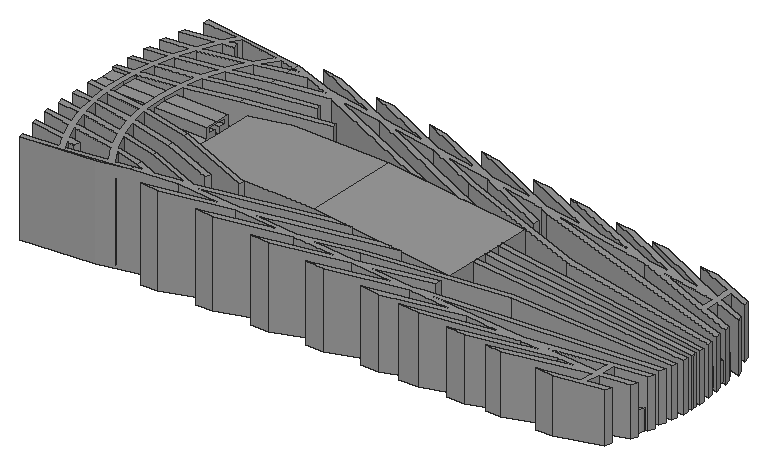
Revit family "Superstreet 250", category Осветительные приборы, Revit 2017
Family settings
  Размер круглого соединителя = Использовать диаметр
  Тип детали = Нормальный
  На основе рабочей плоскости = Нет
  Всегда вертикально = Да
  При загрузке вырезать с полостями = Нет
  Источник света = Да
  Общий = Нет
  Точка расчета площади = Нет
Parameters (values of type "Superstreet 250 4.0К Ш8")
  Комментарии к типоразмеру = "Уличные"
  Emit from Rectangle Width = 95 mm  # constant formula
  Emit from Rectangle Length = 560 mm  # constant formula
  Изготовитель = "LEDEL"
  Emit Shape Visible in Rendering = no
  built-in parameter 1150104 = 13.8 (stored number, unit not read)
  built-in parameter 1150134 = 12
  Файл фотометрической сетки = "Superstreet 250-202-LLI8-4.0K-01.ies"
  Tilt Angle = 90.00°
  built-in parameter 1150137 = (empty or 0)
  built-in parameter 1150132 = 2
  built-in parameter 1150114 = 1 (stored number, unit not read)
  Dimming Lamp Color Temperature Shift = (empty or 0)
  built-in parameter 1150105 = 2127.4 (stored number, unit not read)
  Color Filter = 16777215
  Lumens = 26734 lm
  built-in parameter 1150109 = 1 (stored number, unit not read)
  built-in parameter 1150112 = 1 (stored number, unit not read)
  built-in parameter 1150110 = 1 (stored number, unit not read)
  built-in parameter 1150113 = 1 (stored number, unit not read)
  built-in parameter 1150115 = 1 (stored number, unit not read)
  built-in parameter 1114218 = 1 (stored number, unit not read)
  built-in parameter 1114217 = 1 (stored number, unit not read)
  Apparent Load = 202 VA
  built-in parameter 1150106 = 21.274 (stored number, unit not read)
  built-in parameter 1150142 = "ISNA:LM-63-1995\r\n[TEST]LEDEL\r\n[DATA]28.05.2018\r\n[MANUFAC]LEDEL\r\n[LUMCAT]Superstreet 250/202/Ш8/4.0K/01\r\n[LUMINAIRE]Для освещения дорог категорий А и Б, городских улиц и площадей\r\n[LAMPCAT]LED\r\n[LAMP]OSRAM OSLON SQUARE3\r\nTILT=NONE\r\n\r\n1 26734 1.3655820605812 37 37 1 2 0.636 0.256 0.100\r\n1 1 202\r\n\r\n0 2.5 5 7.5 10 12.5 15 17.5 20 22.5 25 27.5 30 32.5 35 37.5 40 42.5 45 47.5\r\n 50 52.5 55 57.5 60 62.5 65 67.5 70 72.5 75 77.5 80 82.5 85 87.5 90\r\n\r\n90 95 100 105 110 115 120 125 130 135 140 145 150 155 160 165 170 175 180\r\n 185 190 195 200 205 210 215 220 225 230 235 240 245 250 255 260 265 270\r\n\r\n  5234 5069 4912 4721 4546 4367 4231 4063 3931 3763 3617 3444 3273 3104 2928\r\n  2742 2555 2372 2218 2006 1787 1530 1281 1087 952 824 703 601 506 425\r\n  323 249 147 103 59 56 37\r\n  5220 5081 4912 4744 4554 4385 4231 4100 3939 3792 3624 3459 3294 3122 2965\r\n  2785 2584 2394 2211 2010 1801 1533 1289 1095 952 820 689 601 520 414\r\n  337 249 162 106 59 41 37\r\n  5212 5077 4920 4747 4583 4422 4275 4129 3983 3840 3690 3532 3375 3221 3068\r\n  2885 2702 2486 2270 2068 1845 1600 1333 1102 981 835 711 615 528 428\r\n  330 253 191 118 74 44 37\r\n  5234 5081 4927 4773 4590 4436 4305 4176 4026 3880 3726 3573 3426 3280 3133\r\n  2958 2745 2504 2299 2094 1896 1640 1362 1146 996 850 732 630 535 440\r\n  337 264 191 118 88 44 37\r\n  5227 5081 4934 4773 4612 4495 4349 4239 4092 3957 3800 3646 3485 3368 3265\r\n  3082 2804 2548 2328 2141 1918 1684 1421 1190 1011 879 769 663 571 443\r\n  366 282 198 129 59 44 37\r\n  5198 5081 4949 4795 4656 4528 4422 4311 4195 4063 3939 3778 3639 3514 3397\r\n  3243 2958 2654 2431 2255 2057 1805 1523 1278 1077 934 820 692 593 464\r\n  381 293 191 129 74 44 44\r\n  5212 5095 4978 4846 4707 4601 4502 4422 4290 4213 4100 3953 3807 3701 3573\r\n  3386 3119 2855 2636 2431 2248 2010 1750 1494 1230 1014 879 762 645 516\r\n  396 293 198 121 59 59 30\r\n  5198 5081 4993 4861 4751 4637 4568 4495 4414 4315 4231 4114 4012 3901 3748\r\n  3517 3273 3046 2826 2639 2467 2255 1984 1691 1413 1172 1011 853 703 571\r\n  418 305 198 132 88 59 37\r\n  5212 5106 5015 4920 4824 4744 4671 4612 4568 4495 4429 4352 4275 4191 4070\r\n  3807 3543 3356 3170 2961 2745 2562 2299 1992 1662 1395 1216 1029 842 637\r\n  454 308 220 169 88 48 30\r\n  5198 5110 5015 4938 4861 4788 4758 4715 4678 4627 4583 4524 4466 4378 4195\r\n  3957 3770 3631 3470 3269 3038 2815 2606 2302 1926 1618 1421 1190 937 703\r\n  484 337 213 132 96 44 44\r\n  5198 5117 5051 4993 4934 4864 4846 4846 4817 4784 4729 4700 4663 4583 4414\r\n  4224 4085 3939 3800 3635 3441 3221 2972 2727 2343 1943 1647 1391 1084 780\r\n  535 370 249 147 103 82 52\r\n  5190 5132 5073 5011 4985 4956 4949 4945 4941 4923 4912 4882 4861 4777 4656\r\n  4524 4414 4311 4188 4045 3924 3734 3529 3313 2987 2551 2035 1533 1208 868\r\n  601 414 264 154 110 55 52\r\n  5212 5154 5103 5081 5051 5037 5051 5069 5081 5077 5081 5095 5081 5022 4941\r\n  4861 4817 4770 4678 4583 4502 4422 4349 4224 4026 3631 2987 2156 1435 1014\r\n  718 502 293 191 118 88 59\r\n  5212 5154 5110 5110 5110 5110 5146 5168 5190 5227 5256 5256 5249 5230 5198\r\n  5165 5154 5150 5051 5004 4993 4978 4978 4956 4861 4586 3939 2931 1845 1149\r\n  784 531 323 202 125 88 59\r\n  5190 5168 5154 5168 5161 5194 5242 5271 5315 5344 5395 5421 5432 5424 5447\r\n  5432 5447 5432 5344 5292 5322 5344 5403 5476 5505 5453 5146 4304 3002 1698\r\n  1003 663 418 264 140 103 74\r\n  5183 5172 5161 5183 5212 5256 5329 5359 5417 5476 5505 5560 5600 5614 5652\r\n  5640 5666 5637 5512 5505 5549 5578 5637 5710 5813 5900 5813 5252 4056 2615\r\n  1435 798 484 290 162 92 59\r\n  5183 5168 5176 5198 5256 5326 5403 5476 5512 5578 5622 5666 5710 5743 5769\r\n  5779 5813 5713 5622 5637 5652 5666 5673 5739 5856 5959 5959 5658 4751 3347\r\n  2035 1097 579 337 162 103 88\r\n  5183 5183 5212 5245 5315 5388 5483 5564 5608 5677 5739 5791 5820 5856 5893\r\n  5912 5886 5769 5695 5710 5681 5677 5673 5725 5769 5798 5725 5530 4971 3850\r\n  2482 1350 667 344 191 118 74\r\n  5183 5183 5183 5227 5242 5286 5344 5406 5476 5549 5593 5652 5710 5754 5813\r\n  5842 5893 5845 5827 5801 5798 5798 5805 5813 5813 5725 5534 5173 4385 3369\r\n  2240 1144 476 249 140 100 59\r\n  5183 5198 5227 5242 5286 5344 5417 5490 5564 5637 5725 5798 5835 5900 5974\r\n  6018 6069 6047 6010 5988 5974 5959 5944 5926 5900 5809 5622 5341 4715 3790\r\n  2643 1466 630 264 147 103 88\r\n  5183 5204 5256 5286 5351 5429 5490 5578 5666 5743 5820 5904 5988 6065 6149\r\n  6208 6244 6241 6230 6222 6208 6219 6208 6222 6208 6164 6083 6018 5666 4778\r\n  3390 1799 732 308 198 132 96\r\n  5183 5242 5271 5344 5410 5505 5586 5666 5761 5856 5966 6050 6142 6237 6310\r\n  6384 6427 6457 6449 6471 6486 6574 6647 6720 6837 6911 6976 6998 6362 4917\r\n  3294 1784 740 337 191 114 74\r\n  5190 5256 5315 5388 5476 5549 5652 5739 5842 5936 6054 6149 6244 6340 6427\r\n  6501 6574 6662 6728 6823 6940 7104 7291 7467 7643 7804 7774 7266 6127 4650\r\n  3265 1945 886 363 183 103 59\r\n  5212 5256 5322 5406 5498 5593 5695 5798 5900 6000 6120 6211 6310 6402 6501\r\n  6629 6720 6867 7028 7221 7423 7613 7796 7997 8235 8283 7818 6904 5695 4065\r\n  2460 1308 689 366 205 129 96\r\n  5212 5286 5359 5447 5556 5640 5739 5842 5952 6061 6164 6284 6391 6530 6647\r\n  6797 6962 7148 7364 7543 7694 7851 8045 8308 8433 8072 7181 5866 4063 2267\r\n  1230 758 491 282 176 88 52\r\n  5190 5271 5373 5442 5556 5640 5747 5842 5944 6061 6157 6296 6405 6548 6698\r\n  6881 7064 7262 7423 7540 7635 7789 8016 8147 7848 6967 5505 3659 2050 1246\r\n  850 597 396 227 125 88 44\r\n  5198 5292 5388 5490 5586 5681 5783 5863 5974 6076 6179 6314 6464 6618 6786\r\n  6958 7130 7262 7320 7379 7445 7566 7628 7229 6310 4885 3163 1876 1281 975\r\n  711 469 323 205 125 88 44\r\n  5198 5292 5395 5490 5593 5688 5783 5863 5981 6097 6222 6369 6537 6694 6859\r\n  6995 7086 7116 7108 7119 7130 6984 6384 5349 3990 2510 1582 1245 1025 788\r\n  571 381 279 176 96 59 30\r\n  5212 5318 5417 5509 5600 5710 5798 5886 5974 6079 6230 6369 6530 6668 6793\r\n  6881 6903 6878 6815 6709 6530 5996 4978 3743 2284 1490 1238 1037 857 671\r\n  513 363 271 147 96 48 44\r\n  5198 5315 5417 5520 5615 5691 5798 5863 5981 6120 6244 6413 6545 6647 6735\r\n  6746 6691 6588 6442 6201 5813 5100 4070 2765 1633 1224 1055 913 769 615\r\n  498 366 264 147 96 44 30\r\n  5212 5333 5425 5549 5637 5713 5798 5852 5981 6120 6252 6413 6537 6621 6632\r\n  6585 6486 6322 6083 5725 5234 4441 3375 2121 1333 1080 930 814 681 586\r\n  469 363 249 147 88 44 30\r\n  5198 5329 5432 5527 5608 5710 5769 5842 5974 6097 6266 6413 6515 6559 6515\r\n  6424 6274 6003 5659 5228 4612 3767 2665 1604 1157 993 857 747 623 539\r\n  440 352 257 147 96 44 30\r\n  5227 5329 5432 5527 5622 5710 5761 5842 5959 6091 6252 6384 6471 6497 6427\r\n  6307 6113 5809 5395 4909 4261 3409 2270 1414 1077 937 828 692 608 510\r\n  418 330 249 144 88 30 22\r\n  5234 5344 5461 5564 5644 5713 5783 5856 5988 6135 6288 6409 6457 6427 6325\r\n  6179 5944 5575 5132 4620 3917 2966 1867 1235 1025 901 769 671 579 476\r\n  396 293 205 144 74 30 22\r\n  5212 5333 5439 5552 5622 5688 5761 5827 5944 6079 6237 6369 6413 6384 6288\r\n  6143 5871 5490 5051 4536 3836 2868 1794 1224 1011 876 762 659 579 466\r\n  374 293 191 129 66 19 15\r\n  5220 5347 5476 5564 5637 5710 5754 5827 5930 6091 6237 6340 6384 6336 6244\r\n  6076 5805 5393 4934 4418 3690 2721 1706 1201 1011 876 754 630 542 466\r\n  381 290 191 118 52 41 30\r\n  5234 5359 5476 5564 5652 5710 5754 5831 5944 6113 6244 6340 6384 6314 6230\r\n  6073 5747 5286 4839 4287 3536 2520 1574 1168 1018 876 747 653 535 454\r\n  366 253 183 114 59 30 15\r\n"
  built-in parameter 1150133 = 10 (stored number, unit not read)
  Wattage = 179.976 W
  built-in parameter 1150139 = (empty or 0)
  Классификация нагрузок = Освещение
  built-in parameter 1150138 = (empty or 0)
  built-in parameter 1150107 = 4000 (stored number, unit not read)
  built-in parameter 1150102 = (empty or 0)
  Артикул = "305117"
Reference planes
  plane 1 "По центру (Вперед/Назад)": y = 0
  plane 2: z = 0
  plane 3 "По центру (Влево/Вправо)": x = 0
  plane 4: z = 0
  plane 5 "Центр": x = 0
  plane 6 "Для крышки": x = -501.5
  plane 7 "Для крышки "": y = 501.5
  plane 8 "Для переходника": y = 519.5
  plane 9 "Полость справа": y = -519.5
Forms (mm)
  Extrusion 1, void, not visible
    sketch origin (35, -700, -9) x (-1, 0, 0) y (0, -1, 0)
      loop
        line (-10.502, -455) -> (-11.632, -455) -> (-11.632, -465) -> (2.047, -465) -> (2.047, -455) -> (-10.502, -455)
    from 0 to 1.5
  Extrusion 2, solid, material "Алюминий"
    sketch origin (0.5, -0.499, 0) x (0.001454, -0.999999, 0) y (0.999999, 0.001454, 0)
      loop
        arc (-14.352, -319.4) -> (-15.156, -311.02) -> (-16.052, -302.65) r 761.6
        arc (-16.052, -302.65) -> (-8.03, -303.062) -> (0, -303.2) r 234.5
        arc (0, -303.2) -> (8.03, -303.062) -> (16.052, -302.65) r 234.5
        arc (16.052, -302.65) -> (15.156, -311.02) -> (14.352, -319.4) r 761.6
        line (14.352, -319.4) -> (20.176, -319.4)
        arc (20.176, -319.4) -> (21.01, -310.78) -> (21.943, -302.171) r 755.8
        arc (21.943, -302.171) -> (29.418, -301.347) -> (36.862, -300.285) r 234.5
        arc (36.862, -300.285) -> (35.788, -309.836) -> (34.837, -319.4) r 741.2
        line (34.837, -319.4) -> (40.714, -318.855)
        arc (40.714, -318.855) -> (41.705, -309.049) -> (42.827, -299.256) r 735.4
        arc (42.827, -299.256) -> (50.42, -297.715) -> (57.957, -295.925) r 234.5
        arc (57.957, -295.925) -> (56.576, -307.386) -> (55.379, -318.868) r 720.8
        line (55.379, -318.868) -> (61.363, -317.264)
        arc (61.363, -317.264) -> (62.598, -305.767) -> (64.019, -294.292) r 715
        arc (64.019, -294.292) -> (71.77, -291.947) -> (79.435, -289.336) r 234.5
        arc (79.435, -289.336) -> (77.578, -303.423) -> (76.008, -317.544) r 700.4
        line (76.008, -317.544) -> (82.003, -315.937)
        arc (82.003, -315.937) -> (83.666, -301.453) -> (85.632, -287.006) r 694.6
        arc (85.632, -287.006) -> (93.611, -283.705) -> (101.462, -280.113) r 234.5
        arc (101.462, -280.113) -> (98.958, -297.077) -> (96.882, -314.099) r 680
        line (96.882, -314.099) -> (102.896, -312.488)
        arc (102.896, -312.488) -> (105.142, -294.671) -> (107.862, -276.921) r 674.2
        arc (107.862, -276.921) -> (113.661, -273.813) -> (119.371, -270.544) r 234.5
        arc (119.371, -270.544) -> (121.074, -289.183) -> (122.243, -307.863) r 653.815
        line (122.243, -307.863) -> (127.975, -306.327)
        arc (127.975, -306.327) -> (119.782, -230.639) -> (102.922, -156.4) r 659.615
        line (102.922, -156.4) -> (101.184, -115.398) -> (124.259, -179.252) -> (123.695, -160.627) -> (100.364, -96.063) -> (98.625, -55.061) -> (122.5, -121.128) -> (121.937, -102.503) -> (97.805, -35.727) -> (96.067, 5.275) -> (120.741, -63.005) -> (120.178, -44.38) -> (95.247, 24.61) -> (93.508, 65.612) -> (118.983, -4.881) -> (118.419, 13.744) -> (92.688, 84.946) -> (90.974, 125.375) -> (117.24, 52.69) -> (116.677, 71.315) -> (90.154, 144.709) -> (88.758, 177.618)
        arc (88.758, 177.618) -> (102.174, 135.374) -> (116.013, 93.266) r 4416.229
        line (116.013, 93.266) -> (115.399, 113.533)
        arc (115.399, 113.533) -> (101.372, 156.877) -> (87.794, 200.363) r 4410.429
        line (87.794, 200.363) -> (86.967, 219.875) -> (114.486, 143.724) -> (113.922, 162.349) -> (86.147, 239.209) -> (85.416, 256.435)
        arc (85.416, 256.435) -> (98.707, 220.084) -> (113.26, 184.22) r 1107.52
        line (113.26, 184.22) -> (112.77, 200.425)
        arc (112.77, 200.425) -> (98.115, 238.107) -> (84.853, 276.303) r 1101.72
        arc (84.853, 276.303) -> (91.499, 275.884) -> (98.133, 275.3) r 267.308
        arc (98.133, 275.3) -> (104.72, 256.06) -> (111.665, 236.946) r 1089.42
        line (111.665, 236.946) -> (111.106, 255.402)
        arc (111.106, 255.402) -> (103.518, 277.488) -> (96.408, 299.733) r 1083.62
        line (96.408, 299.733) -> (89.685, 301.883)
        arc (89.685, 301.883) -> (92.869, 291.584) -> (96.156, 281.316) r 1089.42
        arc (96.156, 281.316) -> (89.556, 281.837) -> (82.945, 282.197) r 273.108
        arc (82.945, 282.197) -> (78.552, 296.221) -> (74.347, 310.303) r 1101.72
        line (74.347, 310.303) -> (67.693, 312.431)
        arc (67.693, 312.431) -> (72.137, 297.378) -> (76.795, 282.389) r 1107.52
        arc (76.795, 282.389) -> (70.162, 282.44) -> (63.53, 282.33) r 273.108
        arc (63.53, 282.33) -> (59.224, 297.516) -> (54.972, 312.717) r 4410.429
        line (54.972, 312.717) -> (48.368, 314.829)
        arc (48.368, 314.829) -> (64.806, 256.987) -> (82.031, 199.375) r 4416.229
        line (82.031, 199.375) -> (85.98, 106.247)
        arc (85.98, 106.247) -> (61.094, 209.417) -> (40.82, 313.592) r 2385.883
        line (40.82, 313.592) -> (34.595, 315.584)
        arc (34.595, 315.584) -> (56.296, 204.207) -> (83.254, 93.986) r 2391.683
        line (83.254, 93.986) -> (86.931, 83.812) -> (88.67, 42.81) -> (69.546, 95.73) -> (63.379, 95.73) -> (89.49, 23.475) -> (91.228, -17.527) -> (77.553, 20.315)
        arc (77.553, 20.315) -> (56.695, 86.239) -> (41.219, 153.629) r 857.142
        arc (41.219, 153.629) -> (32.115, 234.863) -> (27.182, 316.457) r 1596.183
        line (27.182, 316.457) -> (21.349, 317.3)
        arc (21.349, 317.3) -> (26.298, 234.816) -> (35.493, 152.697) r 1601.983
        arc (35.493, 152.697) -> (51.081, 84.781) -> (72.098, 18.344) r 862.942
        line (72.098, 18.344) -> (92.048, -36.861) -> (93.787, -77.864) -> (50.3, 42.474) -> (50.3, 25.408) -> (94.607, -97.198) -> (96.345, -138.2) -> (50.3, -10.783) -> (50.3, -27.849) -> (93.436, -147.216)
        arc (93.436, -147.216) -> (78.8, -193.412) -> (67.3, -240.487) r 720.8
        arc (67.3, -240.487) -> (59.362, -243.389) -> (51.3, -245.925) r 184.5
        arc (51.3, -245.925) -> (62.972, -195.898) -> (78.108, -146.808) r 735.4
        line (78.108, -146.808) -> (72.629, -144.907)
        arc (72.629, -144.907) -> (57.001, -195.764) -> (45.063, -247.612) r 741.2
        arc (45.063, -247.612) -> (37.367, -249.376) -> (29.602, -250.81) r 184.5
        arc (29.602, -250.81) -> (44.936, -184.546) -> (66.165, -119.929) r 755.8
        line (66.165, -119.929) -> (60.742, -117.873)
        arc (60.742, -117.873) -> (39.086, -183.933) -> (23.544, -251.692) r 761.6
        arc (23.544, -251.692) -> (11.796, -252.823) -> (0, -253.2) r 184.5
        arc (0, -253.2) -> (-11.796, -252.823) -> (-23.544, -251.692) r 184.5
        arc (-23.544, -251.692) -> (-39.086, -183.933) -> (-60.742, -117.873) r 761.6
        line (-60.742, -117.873) -> (-66.165, -119.929)
        arc (-66.165, -119.929) -> (-44.936, -184.546) -> (-29.602, -250.81) r 755.8
        arc (-29.602, -250.81) -> (-37.367, -249.376) -> (-45.063, -247.612) r 184.5
        arc (-45.063, -247.612) -> (-57.001, -195.764) -> (-72.629, -144.907) r 741.2
        line (-72.629, -144.907) -> (-78.108, -146.808)
        arc (-78.108, -146.808) -> (-62.972, -195.898) -> (-51.3, -245.925) r 735.4
        arc (-51.3, -245.925) -> (-59.362, -243.389) -> (-67.3, -240.487) r 184.5
        arc (-67.3, -240.487) -> (-78.8, -193.412) -> (-93.436, -147.216) r 720.8
        line (-93.436, -147.216) -> (-50.3, -27.849) -> (-50.3, -10.783) -> (-96.345, -138.2) -> (-94.607, -97.198) -> (-50.3, 25.408) -> (-50.3, 42.474) -> (-93.787, -77.864) -> (-92.048, -36.861) -> (-72.098, 18.344)
        arc (-72.098, 18.344) -> (-51.081, 84.781) -> (-35.493, 152.697) r 862.942
        arc (-35.493, 152.697) -> (-26.298, 234.816) -> (-21.349, 317.3) r 1601.983
        line (-21.349, 317.3) -> (-27.182, 316.457)
        arc (-27.182, 316.457) -> (-32.115, 234.863) -> (-41.219, 153.629) r 1596.183
        arc (-41.219, 153.629) -> (-56.695, 86.239) -> (-77.553, 20.315) r 857.142
        line (-77.553, 20.315) -> (-91.228, -17.527) -> (-89.49, 23.475) -> (-63.379, 95.73) -> (-69.546, 95.73) -> (-88.67, 42.81) -> (-86.931, 83.812) -> (-83.254, 93.986)
        arc (-83.254, 93.986) -> (-56.296, 204.207) -> (-34.595, 315.584) r 2391.683
        line (-34.595, 315.584) -> (-40.82, 313.592)
        arc (-40.82, 313.592) -> (-61.094, 209.417) -> (-85.98, 106.247) r 2385.883
        line (-85.98, 106.247) -> (-82.031, 199.375)
        arc (-82.031, 199.375) -> (-64.806, 256.987) -> (-48.368, 314.829) r 4416.229
        line (-48.368, 314.829) -> (-54.972, 312.717)
        arc (-54.972, 312.717) -> (-59.224, 297.516) -> (-63.53, 282.33) r 4410.429
        arc (-63.53, 282.33) -> (-70.162, 282.44) -> (-76.795, 282.389) r 273.108
        arc (-76.795, 282.389) -> (-72.137, 297.378) -> (-67.693, 312.431) r 1107.52
        line (-67.693, 312.431) -> (-74.347, 310.303)
        arc (-74.347, 310.303) -> (-78.552, 296.221) -> (-82.945, 282.197) r 1101.72
        arc (-82.945, 282.197) -> (-89.556, 281.837) -> (-96.156, 281.316) r 273.108
        arc (-96.156, 281.316) -> (-92.869, 291.584) -> (-89.685, 301.883) r 1089.42
        line (-89.685, 301.883) -> (-96.408, 299.733)
        arc (-96.408, 299.733) -> (-103.518, 277.488) -> (-111.106, 255.402) r 1083.62
        line (-111.106, 255.402) -> (-111.665, 236.946)
        arc (-111.665, 236.946) -> (-104.72, 256.06) -> (-98.133, 275.3) r 1089.42
        arc (-98.133, 275.3) -> (-91.499, 275.884) -> (-84.853, 276.303) r 267.308
        arc (-84.853, 276.303) -> (-98.115, 238.107) -> (-112.77, 200.425) r 1101.72
        line (-112.77, 200.425) -> (-113.26, 184.22)
        arc (-113.26, 184.22) -> (-98.707, 220.084) -> (-85.416, 256.435) r 1107.52
        line (-85.416, 256.435) -> (-86.147, 239.209) -> (-113.922, 162.349) -> (-114.486, 143.724) -> (-86.967, 219.875) -> (-87.794, 200.363)
        arc (-87.794, 200.363) -> (-101.372, 156.877) -> (-115.399, 113.533) r 4410.429
        line (-115.399, 113.533) -> (-116.013, 93.266)
        arc (-116.013, 93.266) -> (-102.174, 135.374) -> (-88.758, 177.618) r 4416.229
        line (-88.758, 177.618) -> (-90.154, 144.709) -> (-116.677, 71.315) -> (-117.24, 52.69) -> (-90.974, 125.375) -> (-92.688, 84.946) -> (-118.419, 13.744) -> (-118.983, -4.881) -> (-93.508, 65.612) -> (-95.247, 24.61) -> (-120.178, -44.38) -> (-120.741, -63.005) -> (-96.067, 5.275) -> (-97.805, -35.727) -> (-121.937, -102.503) -> (-122.5, -121.128) -> (-98.625, -55.061) -> (-100.364, -96.063) -> (-123.695, -160.627) -> (-124.259, -179.252) -> (-101.184, -115.398) -> (-102.922, -156.4)
        arc (-102.922, -156.4) -> (-119.782, -230.639) -> (-127.975, -306.327) r 659.615
        line (-127.975, -306.327) -> (-122.243, -307.863)
        arc (-122.243, -307.863) -> (-121.074, -289.183) -> (-119.371, -270.544) r 653.815
        arc (-119.371, -270.544) -> (-113.661, -273.813) -> (-107.862, -276.921) r 234.5
        arc (-107.862, -276.921) -> (-105.142, -294.671) -> (-102.896, -312.488) r 674.2
        line (-102.896, -312.488) -> (-96.882, -314.099)
        arc (-96.882, -314.099) -> (-98.958, -297.077) -> (-101.462, -280.113) r 680
        arc (-101.462, -280.113) -> (-93.611, -283.705) -> (-85.632, -287.006) r 234.5
        arc (-85.632, -287.006) -> (-83.666, -301.453) -> (-82.003, -315.937) r 694.6
        line (-82.003, -315.937) -> (-76.008, -317.544)
        arc (-76.008, -317.544) -> (-77.578, -303.423) -> (-79.435, -289.336) r 700.4
        arc (-79.435, -289.336) -> (-71.77, -291.947) -> (-64.019, -294.292) r 234.5
        arc (-64.019, -294.292) -> (-62.598, -305.767) -> (-61.363, -317.264) r 715
        line (-61.363, -317.264) -> (-55.379, -318.868)
        arc (-55.379, -318.868) -> (-56.576, -307.386) -> (-57.957, -295.925) r 720.8
        arc (-57.957, -295.925) -> (-50.42, -297.715) -> (-42.827, -299.256) r 234.5
        arc (-42.827, -299.256) -> (-41.705, -309.049) -> (-40.714, -318.855) r 735.4
        line (-40.714, -318.855) -> (-34.837, -319.4)
        arc (-34.837, -319.4) -> (-35.788, -309.836) -> (-36.862, -300.285) r 741.2
        arc (-36.862, -300.285) -> (-29.418, -301.347) -> (-21.943, -302.171) r 234.5
        arc (-21.943, -302.171) -> (-21.01, -310.78) -> (-20.176, -319.4) r 755.8
        line (-20.176, -319.4) -> (-14.352, -319.4)
      loop
        line (-20.218, 95.73) -> (-14.416, 95.73) -> (-7.678, 318.4) -> (-13.48, 318.4) -> (-20.218, 95.73)
      loop
        line (-2.9, 318.4) -> (-2.9, 95.73) -> (0, 95.73) -> (2.9, 95.73) -> (2.9, 318.4) -> (0, 318.4) -> (-2.9, 318.4)
      loop
        arc (-118.643, -263.984) -> (-113.931, -266.771) -> (-109.153, -269.443) r 228.5
        arc (-109.153, -269.443) -> (-109.787, -265.945) -> (-110.439, -262.45) r 674.2
        line (-110.439, -262.45) -> (-104.933, -260.362)
        arc (-104.933, -260.362) -> (-103.773, -266.593) -> (-102.671, -272.834) r 680
        arc (-102.671, -272.834) -> (-94.745, -276.632) -> (-86.678, -280.122) r 228.5
        arc (-86.678, -280.122) -> (-90.755, -256.772) -> (-95.626, -233.576) r 694.6
        arc (-95.626, -233.576) -> (-104.202, -228.294) -> (-112.487, -222.567) r 190.6
        arc (-112.487, -222.567) -> (-115.897, -243.226) -> (-118.643, -263.984) r 653.815
      loop
        arc (-111.24, -215.893) -> (-104.509, -220.746) -> (-97.567, -225.292) r 184.5
        arc (-97.567, -225.292) -> (-101.736, -208.861) -> (-106.305, -192.537) r 694.6
        arc (-106.305, -192.537) -> (-108.879, -204.193) -> (-111.24, -215.893) r 653.815
      loop
        arc (-81.047, 222.58) -> (-73.027, 249.55) -> (-65.179, 276.571) r 4410.429
        arc (-65.179, 276.571) -> (-71.969, 276.642) -> (-78.758, 276.541) r 267.308
        line (-78.758, 276.541) -> (-81.047, 222.58)
      loop
        arc (-16.759, -296.585) -> (-8.385, -297.046) -> (0, -297.2) r 228.5
        arc (0, -297.2) -> (8.385, -297.046) -> (16.759, -296.585) r 228.5
        arc (16.759, -296.585) -> (19.347, -277.244) -> (22.429, -257.976) r 761.6
        arc (22.429, -257.976) -> (11.234, -258.969) -> (0, -259.3) r 190.6
        arc (0, -259.3) -> (-11.234, -258.969) -> (-22.429, -257.976) r 190.6
        arc (-22.429, -257.976) -> (-19.347, -277.244) -> (-16.759, -296.585) r 761.6
      loop
        arc (-37.627, -294.081) -> (-30.162, -295.201) -> (-22.664, -296.073) r 228.5
        arc (-22.664, -296.073) -> (-25.308, -276.581) -> (-28.458, -257.163) r 755.8
        arc (-28.458, -257.163) -> (-36.172, -255.836) -> (-43.825, -254.193) r 190.6
        arc (-43.825, -254.193) -> (-40.454, -274.095) -> (-37.627, -294.081) r 741.2
      loop
        arc (-58.813, -289.501) -> (-51.244, -291.38) -> (-43.614, -292.999) r 228.5
        arc (-43.614, -292.999) -> (-46.534, -272.765) -> (-50.015, -252.621) r 735.4
        arc (-50.015, -252.621) -> (-57.992, -250.263) -> (-65.859, -247.56) r 190.6
        arc (-65.859, -247.56) -> (-62.027, -268.479) -> (-58.813, -289.501) r 720.8
      loop
        arc (-80.43, -282.577) -> (-72.716, -285.321) -> (-64.909, -287.787) r 228.5
        arc (-64.909, -287.787) -> (-68.269, -266.37) -> (-72.278, -245.064) r 715
        arc (-72.278, -245.064) -> (-80.653, -241.395) -> (-88.842, -237.328) r 190.6
        arc (-88.842, -237.328) -> (-84.264, -259.884) -> (-80.43, -282.577) r 700.4
      loop
        arc (-90.634, -229.404) -> (-82.324, -233.815) -> (-73.799, -237.798) r 184.5
        arc (-73.799, -237.798) -> (-83.961, -196.493) -> (-96.563, -155.867) r 715
        line (-96.563, -155.867) -> (-97.403, -158.191)
        arc (-97.403, -158.191) -> (-100.617, -169.734) -> (-103.619, -181.333) r 653.815
        arc (-103.619, -181.333) -> (-96.699, -205.253) -> (-90.634, -229.404) r 700.4
      loop
        line (20.218, 95.73) -> (13.48, 318.4) -> (7.678, 318.4) -> (14.416, 95.73) -> (20.218, 95.73)
      loop
        arc (118.643, -263.984) -> (115.897, -243.226) -> (112.487, -222.567) r 653.815
        arc (112.487, -222.567) -> (104.202, -228.294) -> (95.626, -233.576) r 190.6
        arc (95.626, -233.576) -> (90.755, -256.772) -> (86.678, -280.122) r 694.6
        arc (86.678, -280.122) -> (94.745, -276.632) -> (102.671, -272.834) r 228.5
        arc (102.671, -272.834) -> (103.773, -266.593) -> (104.933, -260.362) r 680
        line (104.933, -260.362) -> (110.439, -262.45)
        arc (110.439, -262.45) -> (109.787, -265.945) -> (109.153, -269.443) r 674.2
        arc (109.153, -269.443) -> (113.931, -266.771) -> (118.643, -263.984) r 228.5
      loop
        arc (111.24, -215.893) -> (108.879, -204.193) -> (106.305, -192.537) r 653.815
        arc (106.305, -192.537) -> (101.736, -208.861) -> (97.567, -225.292) r 694.6
        arc (97.567, -225.292) -> (104.509, -220.746) -> (111.24, -215.893) r 184.5
      loop
        line (81.047, 222.58) -> (78.758, 276.541)
        arc (78.758, 276.541) -> (71.969, 276.642) -> (65.179, 276.571) r 267.308
        arc (65.179, 276.571) -> (73.027, 249.55) -> (81.047, 222.58) r 4410.429
      loop
        arc (37.627, -294.081) -> (40.454, -274.095) -> (43.825, -254.193) r 741.2
        arc (43.825, -254.193) -> (36.172, -255.836) -> (28.458, -257.163) r 190.6
        arc (28.458, -257.163) -> (25.308, -276.581) -> (22.664, -296.073) r 755.8
        arc (22.664, -296.073) -> (30.162, -295.201) -> (37.627, -294.081) r 228.5
      loop
        arc (58.813, -289.501) -> (62.027, -268.479) -> (65.859, -247.56) r 720.8
        arc (65.859, -247.56) -> (57.992, -250.263) -> (50.015, -252.621) r 190.6
        arc (50.015, -252.621) -> (46.534, -272.765) -> (43.614, -292.999) r 735.4
        arc (43.614, -292.999) -> (51.244, -291.38) -> (58.813, -289.501) r 228.5
      loop
        arc (80.43, -282.577) -> (84.264, -259.884) -> (88.842, -237.328) r 700.4
        arc (88.842, -237.328) -> (80.653, -241.395) -> (72.278, -245.064) r 190.6
        arc (72.278, -245.064) -> (68.269, -266.37) -> (64.909, -287.787) r 715
        arc (64.909, -287.787) -> (72.716, -285.321) -> (80.43, -282.577) r 228.5
      loop
        arc (90.634, -229.404) -> (96.699, -205.253) -> (103.619, -181.333) r 700.4
        arc (103.619, -181.333) -> (100.617, -169.734) -> (97.403, -158.191) r 653.815
        line (97.403, -158.191) -> (96.563, -155.867)
        arc (96.563, -155.867) -> (83.961, -196.493) -> (73.799, -237.798) r 715
        arc (73.799, -237.798) -> (82.324, -233.815) -> (90.634, -229.404) r 184.5
    from 0 to 100
  Extrusion 3, solid, material "Алюминий"
    sketch origin (0.5, -0.499, 0) x (0.001454, -0.999999, 0) y (0.999999, 0.001454, 0)
      loop
        line (0, -314.4) -> (60.4, -314.4)
        arc (60.4, -314.4) -> (63.936, -312.936) -> (65.4, -309.4) r 5
        line (65.4, -309.4) -> (65.4, 300)
        arc (65.4, 300) -> (62.471, 307.071) -> (55.4, 310) r 10
        line (55.4, 310) -> (0, 310) -> (-55.4, 310)
        arc (-55.4, 310) -> (-62.471, 307.071) -> (-65.4, 300) r 10
        line (-65.4, 300) -> (-65.4, -309.4)
        arc (-65.4, -309.4) -> (-63.936, -312.936) -> (-60.4, -314.4) r 5
        line (-60.4, -314.4) -> (0, -314.4)
    from 0 to 22
  Extrusion 4, solid, material "Алюминий"
    sketch origin (0.5, -0.499, 22) x (0.001454, -0.999999, 0) y (0.999999, 0.001454, 0)
      loop
        line (0, 95.73) -> (-50.3, 95.73) -> (-50.3, -194.27) -> (0, -194.27) -> (50.3, -194.27) -> (50.3, 95.73) -> (0, 95.73)
    from 0 to 64.2
  Extrusion 5, solid, material "Алюминий"
    sketch origin (-318.9, -0.964, 0) x (0.001454, -0.999999, 0) y (0, 0, 1)
      loop
        arc (-3.611, 83.486) -> (-30.546, 51.291) -> (0, 22.5) r 30.6
        arc (0, 22.5) -> (30.546, 51.291) -> (3.611, 83.486) r 30.6
        line (3.611, 83.486) -> (3.611, 90.443) -> (10.628, 90.443) -> (10.628, 95.443) -> (0, 95.443) -> (-10.628, 95.443) -> (-10.628, 90.443) -> (-3.611, 90.443) -> (-3.611, 83.486)
      loop
        arc (-14.1, 86.333) -> (-30.102, 73.027) -> (-36.1, 53.1) r 36.1
        line (-36.1, 53.1) -> (-36.1, 0) -> (0, 0) -> (36.1, 0) -> (36.1, 53.1)
        arc (36.1, 53.1) -> (30.102, 73.027) -> (14.1, 86.333) r 36.1
        line (14.1, 86.333) -> (14.1, 97.2) -> (0, 97.2) -> (-14.1, 97.2) -> (-14.1, 86.333)
    from 0 to -123.8
  Extrusion 6, void
    sketch origin (0, 0, 0) x (1, 0, 0) y (0, 0, 1)
      loop
        line (318.919, 51.95) -> (378.919, 51.95) -> (378.919, 166.95) -> (-316.612, 166.95) -> (-263.572, 106.074) -> (318.919, 51.95)
    from -200 to 200
Cuts and joins
  Extrusion 6 cuts Extrusion 2
  Extrusion 6 cuts Extrusion 4
  Extrusion 6 cuts Extrusion 5
Dimensions and locks
  aligned and locked: level to plane 2
Connectors
  electrical at (0, 0, 0)
    settings: index 1, voltage 230 V, apparent load 202 VA, apparent load phase1 0 VA, apparent load phase2 0 VA, apparent load phase3 0 VA, power factor 1, load classification "Освещение", number of poles 1, system type 30, power factor state 1, is connector primary yes, connector utility no, sub classification motor no, connector description ""
